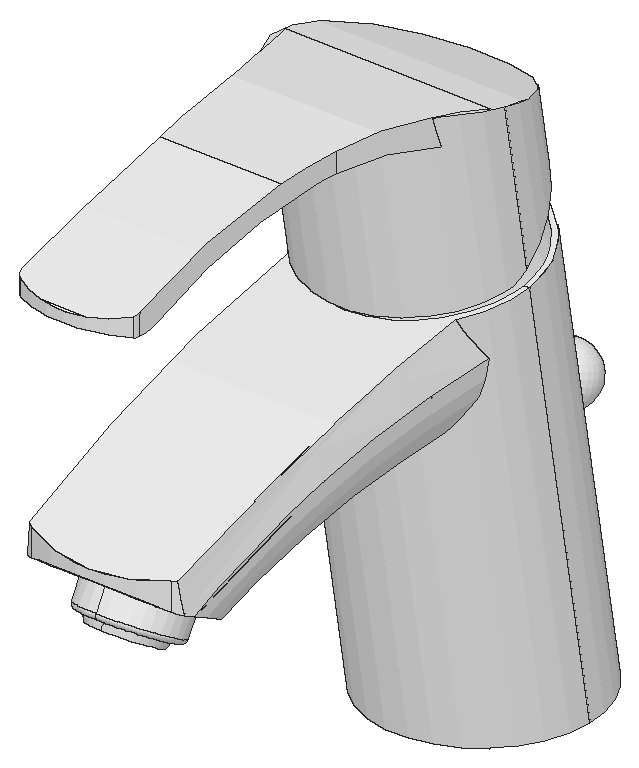
Revit family "Faucet-Lavatory-Grohe-Eurosmart_New-32643_Series", category Plumbing Fixtures, Revit 2014
Parameters (values of type "32643002")
  cUPC Compliant = yes
  Width = 4 1/8"  # constant formula
  Waste Connection = no
  Warranty Documentation Link = "https://cdn.cloud.grohe.com/tpi/1000/1900/1940/1949/1949006/original/1949006.pdf"
  WFU = 0
  Vent Connection = no
  URL = "http://www.grohe.com/ca-en/"
  Shipping Weight = 1.92 lbf
  Product Page URL = "https://www.grohe.com/ca-en/32021/bathroom/bathroom-faucets/eurosmart-new/product-details/?product=32643-G411&color=002&material=32643002"
  Price = "Prices may vary. Please consult Manufacturer Representative for most up-to-date price list."  # constant formula
  Model = "32643002"
  Material = "Metal-Grohe-002-Chrome"
  Manufacturer = "Grohe"
  Length = 4 3/16"  # constant formula
  Installation Type = "Deck-Mounted"
  Hot Water Connection Radius = 3/16"
  Hot Water Connection Diameter = 3/8"
  Height = 5 3/4"  # constant formula
  HWFU = 1.5
  HW Connection = yes
  Flow Rate = "1.5 gpm (5.7 L/min)"
  Finish = Metal-Grohe-002-Chrome
  Description = "Eurosmart New Lavatory Centerset Without Pop-Up"  # constant formula
  Default Elevation = 0"
  Creation Date = "1/30/2017"  # constant formula
  Cold Water Connection Radius = 3/16"
  Cold Water Connection Diameter = Cold Water Connection Radius * 2  # 3/8"
  CalGreen Compliant = yes
  CWFU = 1.5
  CW Connection = yes
  Assembly Code = "D2020300"
  ADA Compliant = yes
Types (3): name | Product Page URL | Model | Material | Flow Rate | Finish
  (no name) | "https://www.grohe.com/ca-en/32021/bathroom/bathroom-faucets/eurosmart-new/product-details/?product=32643-G411&color=002&material=32643002" | "32643002" | "Metal-Grohe-002-Chrome" | "1.5 gpm (5.7 L/min)" | Metal-Grohe-002-Chrome
  32643002 | "https://www.grohe.com/ca-en/32021/bathroom/bathroom-faucets/eurosmart-new/product-details/?product=32643-G411&color=002&material=32643002" | "32643002" | "Metal-Grohe-002-Chrome" | "1.5 gpm (5.7 L/min)" | Metal-Grohe-002-Chrome
  3264300A | "https://www.grohe.com/ca-en/32021/bathroom/bathroom-faucets/eurosmart-new/product-details/?product=32643-G411&color=00A&material=3264300A" | "3264300A" | "Metal-Grohe-00A-Chrome" | "1.2 gpm (4.56 L/min)" | Metal-Grohe-00A-Chrome
Reference planes (in)
  plane 1 "Center (Front/Back)": y = 0
  plane 2: z = 0
  plane 3 "Center (Left/Right)": x = 0
  plane 4: through (0, 0, 0) normal (0, 0.9848, 0.1736)
  plane 5: z = 2.1875
  plane 6: y = -4.1875
  plane 7: through (0, -4.18945, 2.1875) normal (0, -0.866, 0.5)
  plane 8: z = 5.75
Forms (in)
  Extrusion 1, void
    sketch origin (0, 0, 0) x (0, 1, 0) y (0, 0, 1)
      loop
        line (-5.79678, 3.55495) -> (-4.92005, 1.36012) -> (-3.2948, 2.18822)
        arc (-3.2948, 2.18822) -> (-3.45933, 2.17866) -> (-3.60831, 2.24913) r 0.33311
        arc (-3.60831, 2.24913) -> (-3.99137, 2.5223) -> (-4.40982, 2.73738) r 3.25437
        arc (-4.40982, 2.73738) -> (-4.44844, 2.75662) -> (-4.48449, 2.78035) r 0.36049
        line (-4.48449, 2.78035) -> (-4.67108, 2.91986)
        arc (-4.67108, 2.91986) -> (-2.71959, 3.57289) -> (-0.6936, 3.93362) r 14.03912
        arc (-0.6936, 3.93362) -> (0.03557, 4.06374) -> (0.7625, 4.20586) r 44.94992
        line (0.7625, 4.20586) -> (0.39338, 5.68706) -> (-5.79678, 3.55495)
      loop
        line (1.52384, 0) -> (-1.47616, 0) -> (-1.47616, -1.75) -> (1.52384, -1.75) -> (1.52384, 0)
    from -1.85772 to 2.27033
  Extrusion 2, solid, material "Metal-Grohe-002-Chrome" <- "Finish"
    sketch origin (0, 0, 0) x (1, 0, 0) y (0, 0.984808, 0.173648)
      loop
        circle (0, 0) r 0.99086
    from -1.25858 to 4.84565
  Revolve 3, solid, material "Metal-Grohe-002-Chrome" <- "Finish"
    sketch origin (0, 0, 0) x (0, 1, 0) y (0, 0, 1)
      loop
        line (-0.68381, 3.87808) -> (0.25088, 4.04289)
        arc (0.25088, 4.04289) -> (-0.17668, 4.51159) -> (-0.80747, 4.57937) r 0.89542
        line (-0.80747, 4.57937) -> (-0.68381, 3.87808)
      axis (-0.68381, 3.87808) -> (-0.80747, 4.57937)
    angle from 0 to 360
  Extrusion 4, solid, material "Metal-Grohe-002-Chrome" <- "Finish"
    sketch origin (0, 0, 0) x (1, 0, 0) y (0, 0.984808, 0.173648)
      loop
        circle (0, 0) r 0.98425
    from 4.09542 to 6.74142
  Extrusion 5, solid, material "Metal-Grohe-002-Chrome" <- "Finish"
    sketch origin (0, -0.125, 0) x (0, 1, 0) y (0, 0, 1)
      loop
        arc (-4.33701, 5.13391) -> (-3.46409, 5.40178) -> (-2.56053, 5.53334) r 5.96749
        arc (-2.56053, 5.53334) -> (-1.72344, 5.48663) -> (-0.9233, 5.23631) r 3.39651
        line (-0.9233, 5.23631) -> (-1.14515, 6.49447) -> (-4.96866, 5.68176) -> (-4.8766, 5.24867)
        arc (-4.8766, 5.24867) -> (-4.89567, 5.19855) -> (-4.85787, 5.16053) r 0.04945
        arc (-4.85787, 5.16053) -> (-4.63523, 5.12657) -> (-4.41007, 5.12135) r 1.75899
        arc (-4.41007, 5.12135) -> (-4.3731, 5.12507) -> (-4.33701, 5.13391) r 0.26582
    from -0.98425 to 0.98425
  Extrusion 6, void
    sketch origin (0, 0, 0) x (0, 1, 0) y (0, 0, 1)
      loop
        arc (-0.72693, 4.09737) -> (-0.83528, 4.02835) -> (-0.9578, 3.98971) r 0.49213
        line (-0.9578, 3.98971) -> (0.55628, 4.25669) -> (0.34423, 4.99618) -> (-0.72693, 4.09737)
      loop
        line (0.16302, 5.13944) -> (0.33943, 7.15584) -> (-5.34758, 6.30706) -> (-5.02865, 5.19483) -> (-4.8766, 5.24867)
        arc (-4.8766, 5.24867) -> (-3.97552, 5.51494) -> (-3.05134, 5.68441) r 8.8713
        arc (-3.05134, 5.68441) -> (-1.40349, 5.65181) -> (0.16302, 5.13944) r 5.58238
      loop
        line (1.9456, 0) -> (-1.8044, 0) -> (-1.8044, -1.75) -> (1.9456, -1.75) -> (1.9456, 0)
    from -1.4418 to 1.42203
  SweptBlend 7, solid, material "Metal-Grohe-002-Chrome" <- "Finish"
    path origin (0, 0, 0) x (0, 1, 0) y (0, 0, 1)
      loop
        arc (-4.98711, 2.17697) -> (-2.82547, 2.82771) -> (-0.56801, 2.82783) r 7.74917
    profile origin (0, -4.98711, 2.17697) x (0, -0.424662, 0.905352) y (1, 0, 0)
      loop
        arc (0.11705, 0.70963) -> (-0.59258, 0) -> (0.11705, -0.70963) r 0.70963
        line (0.11705, -0.70963) -> (0.69902, -0.62784) -> (0.69902, 0.62784) -> (0.11705, 0.70963)
    end profile origin (0, -0.56801, 2.82783) x (0, 0.145605, 0.989343) y (1, 0, 0)
      loop
        line (0.6046, -0.92615) -> (1.09965, -0.7935) -> (1.09965, 0.7935) -> (0.6387, 0.91701)
        arc (0.6387, 0.91701) -> (-0.28304, 0.01217) -> (0.6046, -0.92615) r 0.9219
  Extrusion 8, void
    sketch origin (0, 0, 0) x (1, 0, 0) y (0, 1, 0)
      loop
        arc (-0.49505, -4.76848) -> (-0.53019, -4.72876) -> (-0.54141, -4.67693) r 0.10488
        arc (-0.54141, -4.67693) -> (-0.5373, -3.58081) -> (-0.61787, -2.48764) r 14.18115
        arc (-0.61787, -2.48764) -> (-0.79402, -1.58887) -> (-1.11339, -0.73049) r 5.63725
        line (-1.11339, -0.73049) -> (-1.11339, -5.4052) -> (1.11339, -5.4052) -> (1.11339, -0.73049)
        arc (1.11339, -0.73049) -> (0.79402, -1.58887) -> (0.61787, -2.48764) r 5.63725
        arc (0.61787, -2.48764) -> (0.5373, -3.58081) -> (0.54141, -4.67693) r 14.18115
        arc (0.54141, -4.67693) -> (0.53877, -4.70518) -> (0.52865, -4.7317) r 0.10488
        arc (0.52865, -4.7317) -> (0.02216, -4.89918) -> (-0.49505, -4.76848) r 0.95377
    from 4.10562 to 5.95953
  Extrusion 9, void
    sketch origin (0, 0, 0) x (1, 0, 0) y (0, 1, 0)
      loop
        arc (-0.64881, -4.4428) -> (-0.83764, -4.26165) -> (-0.89118, -4.00549) r 0.4426
        line (-0.89118, -4.00549) -> (-0.89118, -4.93964) -> (0.89118, -4.93964) -> (0.89118, -4.00549)
        arc (0.89118, -4.00549) -> (0.83764, -4.26165) -> (0.64877, -4.4428) r 0.4426
        arc (0.64877, -4.4428) -> (-0.00002, -4.59622) -> (-0.64881, -4.4428) r 1.44854
    from 1.89478 to 3.60571
  Revolve 10, solid, material "Metal-Grohe-002-Chrome" <- "Finish"
    sketch origin (0, 0, 0) x (0, 1, 0) y (0, 0, 1)
      loop
        line (0.96163, 1.91675) -> (1.07511, 1.88421)
        arc (1.07511, 1.88421) -> (1.24065, 2.16516) -> (1.03471, 2.41799) r 0.28543
        line (1.03471, 2.41799) -> (0.53492, 0.67502) -> (0.6002, 0.6563) -> (0.96163, 1.91675)
      axis (1.03471, 2.41799) -> (0.53492, 0.67502)
    angle from 0 to 360
  Revolve 11, solid, material "Metal-Grohe-002-Chrome" <- "Finish"
    sketch origin (0, 0, 0) x (0, 1, 0) y (0, 0, 1)
      loop
        line (-3.90337, 2.05958) -> (-3.84215, 2.10519) -> (-3.79193, 2.07619)
        arc (-3.79193, 2.07619) -> (-3.75796, 2.07172) -> (-3.73077, 2.09258) r 0.04477
        line (-3.73077, 2.09258) -> (-3.45157, 2.57618) -> (-3.84444, 2.78507) -> (-4.17396, 2.21431) -> (-3.90337, 2.05958)
      axis (-4.17396, 2.21431) -> (-3.83667, 2.79852)
    angle from 0 to 360
  Extrusion 12, solid, material "Metal-Grohe-002-Chrome" <- "Finish"
    sketch origin (0, 0, 0) x (1, 0, 0) y (0, 1, 0)
      loop
        circle (-0.4398, 0) r 0.1875
      loop
        circle (0.4398, 0) r 0.1875
    from 0 to 0.48482
Cuts and joins
  Extrusion 1, Extrusion 8, Extrusion 9 cuts Extrusion 2
  Extrusion 8, Extrusion 9 cuts Revolve 3
  Extrusion 6, Extrusion 9 cuts Extrusion 4
  Extrusion 6, Extrusion 8, Extrusion 9 cuts Extrusion 5
  Extrusion 1, Extrusion 8, Extrusion 9 cuts SweptBlend 7
  joined: Extrusion 2, Revolve 3, Extrusion 4, Extrusion 5, SweptBlend 7, Revolve 10, Revolve 11, Extrusion 12
Lines and regions (in)
  Masking region 1
    outline origin (0, 0, 0) x (1, 0, 0) y (0, 1, 0)
      loop
        arc (-0.2892, 0.96115) -> (-0.79951, 0.59744) -> (-0.98874, 0.00003) r 0.98886
        line (-0.98874, 0.00003) -> (-0.98874, -0.99997)
        arc (-0.98874, -0.99997) -> (-0.96304, -1.2255) -> (-0.88727, -1.43948) r 1.0026
        arc (-0.88727, -1.43948) -> (-0.82369, -2.86331) -> (-0.75361, -4.28684) r 312.17592
        line (-0.75361, -4.28684) -> (-0.72977, -4.39897)
        arc (-0.72977, -4.39897) -> (-0.63408, -4.45007) -> (-0.53483, -4.49387) r 1.44854
        arc (-0.53483, -4.49387) -> (-0.53775, -4.58314) -> (-0.54122, -4.6724) r 14.18115
        arc (-0.54122, -4.6724) -> (-0.52734, -4.73131) -> (-0.48483, -4.77439) r 0.11201
        arc (-0.48483, -4.77439) -> (0, -4.903) -> (0.48483, -4.77439) r 0.97816
        arc (0.48483, -4.77439) -> (0.52734, -4.73131) -> (0.54122, -4.6724) r 0.11201
        arc (0.54122, -4.6724) -> (0.53775, -4.58314) -> (0.53483, -4.49387) r 14.18115
        arc (0.53483, -4.49387) -> (0.63408, -4.45007) -> (0.72977, -4.39897) r 1.44854
        line (0.72977, -4.39897) -> (0.75361, -4.28684)
        arc (0.75361, -4.28684) -> (0.82369, -2.86331) -> (0.88727, -1.43948) r 312.17592
        arc (0.88727, -1.43948) -> (0.96304, -1.2255) -> (0.98874, -0.99997) r 1.0026
        line (0.98874, -0.99997) -> (0.98874, 0.00003)
        arc (0.98874, 0.00003) -> (0.79951, 0.59744) -> (0.2892, 0.96115) r 0.98886
        arc (0.2892, 0.96115) -> (0, 1.25035) -> (-0.2892, 0.96115) r 0.2892
  symbolic lines, detail levels medium+fine
    curve 1: arc (-0.53483, -4.49387, 0) -> (-0.54079, -3.48928, 0) -> (-0.61787, -2.48764, 0) r 14.18115
    curve 2: arc (-0.61787, -2.48764, 0) -> (-0.71599, -1.95416, 0) -> (-0.88727, -1.43948, 0) r 3.89541
    curve 3: arc (-0.98874, -0.80899, 0) -> (0, 0.17975, 0) -> (0.98874, -0.80899, 0) r 0.98874
    curve 4: arc (-0.2892, 0.96115, 0) -> (0, 0.67195, 0) -> (0.2892, 0.96115, 0) r 0.2892
    curve 5: arc (0.53483, -4.49387, 0) -> (0.54079, -3.48928, 0) -> (0.61787, -2.48764, 0) r 14.18115
    curve 6: arc (0.61787, -2.48764, 0) -> (0.71599, -1.95416, 0) -> (0.88727, -1.43948, 0) r 3.89541
  symbolic lines, detail levels fine
    curve 7: line (-0.99086, -0.6936, 0) -> (0.99086, -0.6936, 0)
Dimensions and locks (in)
  locked: plane 5 to level at 2.1875
  "Length": plane 6 to plane 1 "Center (Front/Back)"
  "Height": plane 8 to level
  "Hot Water Connection Diameter": diameter of Extrusion 12 sketch curve
  "Cold Water Connection Diameter": diameter of Extrusion 12 sketch curve
  angle plane 6 to plane 7 = 30.00°
Automatic sketch dimensions
  Extrusion 1 sketch curve to level = 0"
  Extrusion 1 sketch curve to plane 4 = 0"
  plane 6 to Extrusion 1 sketch curve = 4.03792"
  plane 6 to Extrusion 1 sketch curve = 1.60928"
  Extrusion 1 sketch curve to level = 0.25701"
  plane 6 to Extrusion 1 sketch curve = 1.4969"
  plane 6 to Extrusion 1 sketch curve = 0.73255"
  plane 6 to Extrusion 1 sketch curve = 0.48358"
  Extrusion 1 sketch curve to Extrusion 1 sketch curve = 0.18659"
  plane 6 to Extrusion 1 sketch curve = 0.08113"
  plane 5 to Extrusion 1 sketch curve = 0.31816"
  Extrusion 1 sketch curve to plane 6 = 0.7917"
  plane 5 to Extrusion 1 sketch curve = 0.00072"
  Extrusion 1 sketch curve to Extrusion 1 sketch curve = 0.101"
  plane 1 "Center (Front/Back)" to Extrusion 1 sketch curve = 1.47616"
  Extrusion 1 sketch curve to plane 8 = 0.06294"
  Extrusion 1 sketch curve to plane 1 "Center (Front/Back)" = 0.39338"
  Extrusion 1 sketch curve to plane 1 "Center (Front/Back)" = 0.7478"
  Extrusion 1 sketch curve to plane 1 "Center (Front/Back)" = 0.7625"
  Extrusion 1 sketch curve to plane 1 "Center (Front/Back)" = 1.52384"
  Extrusion 1 sketch curve to level = 1 3/4"
  Extrusion 1 sketch curve to Extrusion 1 sketch curve = 8.28131"
  Extrusion 1 sketch curve to plane 5 = 0.82738"
  plane 5 to Extrusion 1 sketch curve = 0.59285"
  Extrusion 1 sketch curve to Extrusion 1 sketch curve = 0.13951"
  Extrusion 1 sketch curve to Extrusion 1 sketch curve = 0.28872"
  Extrusion 1 sketch curve to Extrusion 1 sketch curve = 0.63509"
  Extrusion 1 sketch curve to Extrusion 1 sketch curve = 0.27224"
  Extrusion 1 sketch curve to Extrusion 1 sketch curve = 0"
  Extrusion 2 sketch curve to plane 3 "Center (Left/Right)" = 0"
  Extrusion 2 sketch curve to plane 4 = 0"
  Revolve 3 sketch curve to plane 4 = 0"  (x4)
  plane 1 "Center (Front/Back)" to Revolve 3 sketch curve = 0.80747"
  plane 1 "Center (Front/Back)" to Revolve 3 sketch curve = 0.68381"
  Revolve 3 sketch curve to Revolve 3 sketch curve = 0.10228"
  Revolve 3 sketch curve to plane 1 "Center (Front/Back)" = 0.25088"
  Revolve 3 sketch curve to Revolve 3 sketch curve = 0.02827"
  Revolve 3 sketch curve to plane 8 = 0.7641"
  Extrusion 4 sketch curve to plane 3 "Center (Left/Right)" = 0"
  Extrusion 4 sketch curve to plane 4 = 0"
  Extrusion 5 sketch curve to plane 8 = 0.06824"
  plane 6 to Extrusion 5 sketch curve = 0.90616"
  Extrusion 5 sketch curve to plane 8 = 0.50133"
  Extrusion 5 sketch curve to Extrusion 5 sketch curve = 0.09206"
  Extrusion 5 sketch curve to Extrusion 5 sketch curve = 0.0293"
  plane 6 to Extrusion 5 sketch curve = 0.41942"
  plane 6 to Extrusion 5 sketch curve = 0.35565"
  Extrusion 5 sketch curve to plane 5 = 0.04282"
  Extrusion 5 sketch curve to plane 6 = 1.73276"
  Extrusion 5 sketch curve to level = 0.42036"
  plane 1 "Center (Front/Back)" to Extrusion 5 sketch curve = 2.28005"
  plane 8 to Extrusion 5 sketch curve = 0.74447"
  Extrusion 5 sketch curve to plane 8 = 0.51369"
  plane 1 "Center (Front/Back)" to Extrusion 5 sketch curve = 1.0483"
  Extrusion 5 sketch curve to Extrusion 5 sketch curve = 0.03983"
  Extrusion 5 sketch curve to plane 8 = 0.36296"
  plane 8 to Extrusion 5 sketch curve = 1.12887"
  Extrusion 5 sketch curve to Extrusion 5 sketch curve = 0"
  Extrusion 5 sketch curve to Extrusion 5 sketch curve = 0.00808"
  Extrusion 5 sketch curve to Extrusion 5 sketch curve = 0.07306"
  Extrusion 6 sketch curve to level = 0"
  plane 8 to Extrusion 6 sketch curve = 0.55706"
  plane 6 to Extrusion 6 sketch curve = 1.16008"
  plane 6 to Extrusion 6 sketch curve = 0.84115"
  Extrusion 6 sketch curve to Extrusion 6 sketch curve = 0.15205"
  level to Extrusion 6 sketch curve = 0.14798"
  Extrusion 6 sketch curve to plane 6 = 1.85087"
  plane 1 "Center (Front/Back)" to Extrusion 6 sketch curve = 1.91555"
  Extrusion 6 sketch curve to Extrusion 6 sketch curve = 0.53223"
  plane 1 "Center (Front/Back)" to Extrusion 6 sketch curve = 1.04326"
  Extrusion 6 sketch curve to Extrusion 6 sketch curve = 0.08546"
  Extrusion 6 sketch curve to Extrusion 6 sketch curve = 0.23088"
  Extrusion 6 sketch curve to plane 1 "Center (Front/Back)" = 0.16302"
  Extrusion 6 sketch curve to plane 1 "Center (Front/Back)" = 0.33943"
  Extrusion 6 sketch curve to Extrusion 6 sketch curve = 0.18122"
  Extrusion 6 sketch curve to plane 1 "Center (Front/Back)" = 0.55628"
  Extrusion 6 sketch curve to plane 1 "Center (Front/Back)" = 1.9456"
  Extrusion 6 sketch curve to level = 1 3/4"
  Extrusion 6 sketch curve to Extrusion 6 sketch curve = 1.36388"
  Extrusion 6 sketch curve to plane 8 = 1.76029"
  Extrusion 6 sketch curve to Extrusion 6 sketch curve = 0.10766"
  Extrusion 6 sketch curve to Extrusion 6 sketch curve = 0.15931"
  Extrusion 6 sketch curve to plane 8 = 0.75382"
  Extrusion 6 sketch curve to Extrusion 6 sketch curve = 0.14326"
  Extrusion 6 sketch curve to plane 8 = 0.55517"
  Extrusion 6 sketch curve to Extrusion 6 sketch curve = 0.05384"
  plane 8 to Extrusion 6 sketch curve = 1.40584"
  plane 1 "Center (Front/Back)" to SweptBlend 7 sketch curve = 1.69633"
  SweptBlend 7 sketch curve to level = 4.83876"
  SweptBlend 7 sketch curve to plane 5 = 0.01053"
  plane 6 to SweptBlend 7 sketch curve = 0.79961"
  plane 1 "Center (Front/Back)" to SweptBlend 7 sketch curve = 0.56801"
  SweptBlend 7 sketch curve to plane 3 "Center (Left/Right)" = 0"
  SweptBlend 7 sketch curve to profile plane = 0.11705"
  SweptBlend 7 sketch curve to SweptBlend 7 sketch curve = 0.58197"
  SweptBlend 7 sketch curve to plane 3 "Center (Left/Right)" = 0.62784"
  SweptBlend 7 sketch curve to SweptBlend 7 sketch curve = 0.08179"  (x2)
  SweptBlend 7 sketch curve to profile plane = 0.6046"
  SweptBlend 7 sketch curve to profile plane = 0.6387"
  SweptBlend 7 sketch curve to SweptBlend 7 sketch curve = 59/128"
  SweptBlend 7 sketch curve to plane 3 "Center (Left/Right)" = 0.92615"
  SweptBlend 7 sketch curve to SweptBlend 7 sketch curve = 0.13265"
  SweptBlend 7 sketch curve to plane 3 "Center (Left/Right)" = 0.00488"
  SweptBlend 7 sketch curve to SweptBlend 7 sketch curve = 0.12351"
  Extrusion 8 sketch curve to plane 6 = 0.11178"  (x2)
  Extrusion 8 sketch curve to plane 3 "Center (Left/Right)" = 14.70981"
  Extrusion 8 sketch curve to plane 6 = 1.06857"  (x2)
  Extrusion 8 sketch curve to plane 3 "Center (Left/Right)" = 6.21966"
  Extrusion 8 sketch curve to plane 3 "Center (Left/Right)" = 1.11339"
  Extrusion 8 sketch curve to plane 3 "Center (Left/Right)" = 0.43663"
  Extrusion 8 sketch curve to plane 3 "Center (Left/Right)" = 0.01209"
  plane 3 "Center (Left/Right)" to Extrusion 8 sketch curve = 0.43663"
  Extrusion 8 sketch curve to Extrusion 8 sketch curve = 0.67676"
  Extrusion 8 sketch curve to Extrusion 8 sketch curve = 5.10627"
  Extrusion 8 sketch curve to Extrusion 8 sketch curve = 8.49015"
  plane 6 to Extrusion 8 sketch curve = 0.49388"  (x2)
  Extrusion 8 sketch curve to Extrusion 8 sketch curve = 0.72382"
  Extrusion 8 sketch curve to plane 6 = 0.24147"
  plane 1 "Center (Front/Back)" to Extrusion 8 sketch curve = 0.73049"  (x2)
  Extrusion 8 sketch curve to Extrusion 8 sketch curve = 0"  (x3)
  Extrusion 8 sketch curve to Extrusion 8 sketch curve = 0.04637"
  Extrusion 8 sketch curve to Extrusion 8 sketch curve = 0.09202"
  Extrusion 9 sketch curve to plane 3 "Center (Left/Right)" = 0.89118"
  Extrusion 9 sketch curve to plane 6 = 0.14042"  (x2)
  Extrusion 9 sketch curve to Extrusion 9 sketch curve = 0.44064"  (x2)
  Extrusion 9 sketch curve to plane 3 "Center (Left/Right)" = 0"
  plane 3 "Center (Left/Right)" to Extrusion 9 sketch curve = 0.45053"
  Extrusion 9 sketch curve to plane 6 = 0.18201"  (x2)
  plane 6 to Extrusion 9 sketch curve = 0.75214"
  Extrusion 9 sketch curve to Extrusion 9 sketch curve = 0.8994"
  Extrusion 9 sketch curve to Extrusion 9 sketch curve = 0.19827"
  Extrusion 9 sketch curve to Extrusion 9 sketch curve = 0.00004"
  Extrusion 9 sketch curve to Extrusion 9 sketch curve = 0"
  Revolve 10 sketch curve to plane 1 "Center (Front/Back)" = 0.53492"
  Revolve 10 sketch curve to Revolve 10 sketch curve = 0.06528"
  Revolve 10 sketch curve to plane 5 = 0.04389"
  Revolve 10 sketch curve to plane 1 "Center (Front/Back)" = 0.95603"
  Revolve 10 sketch curve to plane 5 = 0.27075"
  Revolve 10 sketch curve to Revolve 10 sketch curve = 0.0056"
  plane 5 to Revolve 10 sketch curve = 0.23049"
  Revolve 10 sketch curve to Revolve 10 sketch curve = 0.07868"
  Revolve 10 sketch curve to plane 5 = 0.12755"
  Revolve 10 sketch curve to Revolve 10 sketch curve = 0.02399"
  plane 5 to Revolve 10 sketch curve = 0.04831"
  Revolve 10 sketch curve to Revolve 10 sketch curve = 0.02644"
  Revolve 11 sketch curve to plane 7 = 0"  (x4)
  Revolve 11 sketch curve to plane 6 = 0.01354"
  Revolve 11 sketch curve to plane 5 = 0.12792"
  Revolve 11 sketch curve to plane 6 = 0.28413"
  Revolve 11 sketch curve to plane 6 = 0.34306"
  Revolve 11 sketch curve to plane 5 = 0.08231"
  Revolve 11 sketch curve to Revolve 11 sketch curve = 0.06122"
  Revolve 11 sketch curve to plane 5 = 0.11131"
  Revolve 11 sketch curve to Revolve 11 sketch curve = 0.05022"
  Revolve 11 sketch curve to Revolve 11 sketch curve = 0.02238"
  Revolve 11 sketch curve to plane 5 = 0.09492"
  Revolve 11 sketch curve to Revolve 11 sketch curve = 0.03877"
  Revolve 11 sketch curve to Revolve 11 sketch curve = 0.39287"
  plane 5 to Revolve 11 sketch curve = 0.38868"
  plane 6 to Revolve 11 sketch curve = 0.01742"
  plane 6 to Revolve 11 sketch curve = 0.06749"
  Masking region 1 sketch curve to Masking region 1 sketch curve = 0"  (x8)
  Masking region 1 sketch curve to plane 3 "Center (Left/Right)" = 0"  (x4)
  Masking region 1 sketch curve to plane 3 "Center (Left/Right)" = 0.01386"
  plane 6 to Masking region 1 sketch curve = 0.21147"  (x2)
  Masking region 1 sketch curve to Masking region 1 sketch curve = 0.30046"  (x2)
  plane 6 to Masking region 1 sketch curve = 0.09934"  (x2)
  Masking region 1 sketch curve to Masking region 1 sketch curve = 0.02384"  (x2)
  Masking region 1 sketch curve to plane 1 "Center (Front/Back)" = 0.00003"
  Masking region 1 sketch curve to plane 3 "Center (Left/Right)" = 0.98874"
  Masking region 1 sketch curve to plane 6 = 0.11178"  (x2)
  Masking region 1 sketch curve to plane 1 "Center (Front/Back)" = 11.77518"  (x2)
  Masking region 1 sketch curve to Masking region 1 sketch curve = 296.29902"  (x2)
  plane 3 "Center (Left/Right)" to Masking region 1 sketch curve = 0"
  plane 3 "Center (Left/Right)" to Masking region 1 sketch curve = 0.01386"
  plane 3 "Center (Left/Right)" to Masking region 1 sketch curve = 0.42931"
  Masking region 1 sketch curve to Masking region 1 sketch curve = 0.97488"
  Masking region 1 sketch curve to Masking region 1 sketch curve = 0.27814"  (x2)
  Masking region 1 sketch curve to plane 6 = 0.26266"
  Masking region 1 sketch curve to Masking region 1 sketch curve = 0.77717"
  plane 1 "Center (Front/Back)" to Masking region 1 sketch curve = 0.99997"
  Masking region 1 sketch curve to plane 1 "Center (Front/Back)" = 0.01552"
  Masking region 1 sketch curve to Masking region 1 sketch curve = 0.94563"
  Masking region 1 sketch curve to Masking region 1 sketch curve = 0.05552"  (x2)
  Masking region 1 sketch curve to Masking region 1 sketch curve = 0.10552"  (x2)
  curve 4 to plane 3 "Center (Left/Right)" = 0"
  curve 2 to plane 6 = 1.26363"
  curve 2 to plane 3 "Center (Left/Right)" = 4.48877"
  curve 1 to plane 6 = 0.11178"
  curve 1 to curve 2 = 10.22104"
  curve 6 to plane 6 = 1.26363"
  plane 3 "Center (Left/Right)" to curve 6 = 4.48877"
  curve 5 to plane 6 = 0.11178"
  curve 6 to curve 5 = 10.22104"
  plane 1 "Center (Front/Back)" to curve 3 = 0.80899"
  curve 4 to plane 1 "Center (Front/Back)" = 0.96115"
  curve 4 to curve 4 = 0.2892"
  curve 1 to plane 3 "Center (Left/Right)" = 0.53483"
  curve 1 to curve 3 = 0.61787"
  curve 2 to curve 1 = 0"
  plane 3 "Center (Left/Right)" to curve 5 = 0.53483"
  curve 1 to curve 5 = 1.23573"
  curve 6 to curve 5 = 0"
  plane 1 "Center (Front/Back)" to Extrusion 12 sketch curve = 0"  (x2)
  Extrusion 12 sketch curve to plane 3 "Center (Left/Right)" = 0.4398"
  plane 3 "Center (Left/Right)" to Extrusion 12 sketch curve = 0.4398"
  curve 3 to plane 3 "Center (Left/Right)" = 0.98874"
  curve 6 to curve 3 = 0.10147"
  curve 3 to plane 3 "Center (Left/Right)" = 0"
  curve 7 to curve 3 = 0.00212"
  curve 3 to curve 2 = 0.10147"
  curve 3 to curve 7 = 0.00212"
  curve 3 to curve 7 = 0.11538"
  radius of Extrusion 2 sketch curve = 0.99086"
  radius of Extrusion 4 sketch curve = 0.98425"
Connectors (in)
  piping at (-0.4398, 0, 0), diameter 0.375, driven by "HWFU", driven by "Hot Water Connection Diameter"
    settings: on Extrusion 12, index 1, connector inside diameter 24", connector length 0", flow factor 0, pipe flow 0 GPM, pressure drop 0.00 psi, fitting loss kfactor 0, connector angle 0.00°, fixture units 1.5, engagement length 0", angle of deflection 0.00°, flow configuration 3, flow direction 1, fitting loss method 0, system type 19, joint type 0, gender type 0, connector reference index -1, connector utility 0, adjustable connector no, is connector primary yes, connector description "3/8\" NPT HW Inlet"
  piping at (0.4398, 0, 0), diameter 0.375, driven by "CWFU", driven by "Cold Water Connection Diameter"
    settings: on Extrusion 12, index 2, connector inside diameter 24", connector length 0", flow factor 0, pipe flow 0 GPM, pressure drop 0.00 psi, fitting loss kfactor 0, connector angle 0.00°, fixture units 1.5, engagement length 0", angle of deflection 0.00°, flow configuration 3, flow direction 1, fitting loss method 0, system type 20, joint type 0, gender type 0, connector reference index -1, connector utility 0, adjustable connector no, is connector primary no, connector description "3/8\" NPT CW Inlet"
